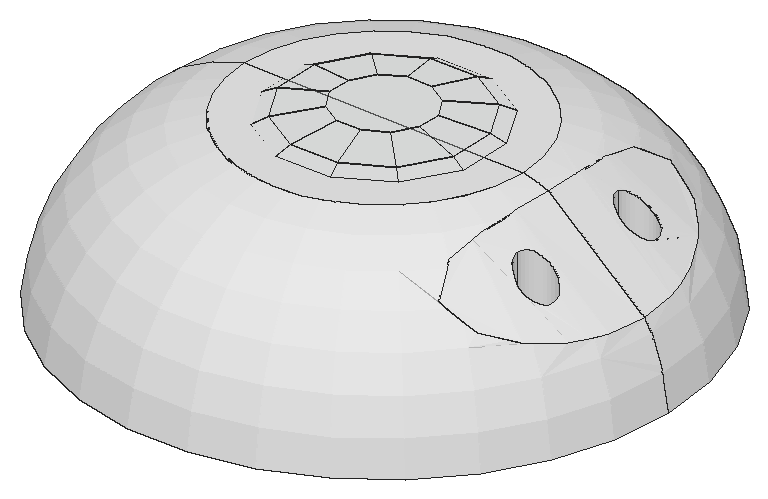
Revit family "NXOS_Series", category Lighting Devices, host Face, Revit 2021
Family settings
  Host = Face
  Maintain Annotation Orientation = Yes
  Round Connector Dimension = Use Diameter
  Part Type = Normal
  OmniClass Number = 23.85.80.11.27
  OmniClass Title = Lighting Controls
  Cut with Voids When Loaded = No
  Shared = No
  Room Calculation Point = No
Parameters (values of type "NXOS Series")
  Weight = 0.142 kg  # constant formula
  Warranty = "Five-year limited"  # constant formula
  Ultrasonic Output = "Maximum amount of radiation output allowed:115dB @ 1 ft. [o.30 m] from source"  # constant formula
  Ultrasonic Minor Motion [instance] = yes
  Ultrasonic Major Motion [instance] = yes
  URL = "https://www.currentlighting.com/nxlightingcontrols"
  Type Comments = "Lighting Device"  # constant formula
  Timer Timeout = "Automatic mode: 8-30 min. Test mode: 8 seconds"  # constant formula
  Sensors Option [instance] = 1000C-500C : 1000C-500C
  Relative humidity = "0 to 95%"  # constant formula
  Product Page URL = ""
  Product Documentation Link = ""
  Power Requirements = "Powered by NX Room Controller using plenum rated CAT5 cables"  # constant formula
  Passive Infrared = "Dual element pyrometer and 12 element cylindrical rugged lens"  # constant formula
  PIR Minor Motion [instance] = yes
  PIR Major Motion [instance] = yes
  Operating Temperature = "32° to + 104° [0° +40°]"  # constant formula
  Mounting = "Mounting base provided, Recommended MAX mounting height:12 ft. [3.66 m]"  # constant formula
  Model = "NXOS Series"  # constant formula
  Manufacturer = " NX Lighting Controls"  # constant formula
  Load Classification = Lighting
  Keynote = ""
  Glass = Plastic -  Polyethylene
  Frequency = 40000 Hz
  Field of View [instance] = no
  Device Material = Plastic - White
  Description = "Ceiling Mount Occupancy Sensors"  # constant formula
  Default Elevation = 48.00"
  Coverage Area [instance] = Field of View : 500 sq.ft.
  Coverage = "Ceiling mount sensor: 500 sq. ft. (Major motion) / 250 sq. ft. (Minor motion) to 2000 sq. ft. (Major motion)"  # constant formula
  Copyright = "Copyright © NX Lighting Controls"  # constant formula
  Contact Us = ""
  Connector Description 2 = "Controls"  # constant formula
  Connector Description 1 = "Power Supply"  # constant formula
  Certifications = "UL and cUL listed"  # constant formula
  Assembly Code = "D5020"
Reference planes (in)
  plane 1 "Center (Front/Back)": y = 0
  plane 2 "Bottom": z = 0
  plane 3 "Center (Left/Right)": x = 0
Dimensions and locks (in)
  aligned and locked: plane 2 "Bottom" to host face
  aligned and locked: level to host face
  aligned and locked: nested 1 to plane 3 "Center (Left/Right)"
  aligned and locked: nested 1 to plane 1 "Center (Front/Back)"
  aligned and locked: nested 2 to plane 3 "Center (Left/Right)"
  aligned and locked: plane 1 "Center (Front/Back)" to nested 2
Nested families (in)
  nested 1: "Field of View" at (0, 0, 0.575), Ultrasonic Minor Motion <- "Ultrasonic Minor Motion", Ultrasonic Major Motion <- "Ultrasonic Major Motion", PIR Minor Motion <- "PIR Minor Motion", PIR Major Motion <- "PIR Major Motion", Field of View <- "Field of View", type <- "Coverage Area", type "500 sq.ft."
    with zz YesNo 8 no, zz YesNo 7 no, zz YesNo 6 no, zz YesNo 5 no, zz YesNo 4 no, zz YesNo 3 no, zz YesNo 2 no, zz YesNo 1 no, zz Length 5 120.36797", zz Length 4 312.06153", zz Length 3 84.07571", zz Length 2 216.04761", zz Length 1 108.00", Ultrasonic Minor Motion yes, Ultrasonic Major Motion yes, PIR Minor Motion yes, PIR Major Motion yes, Mounting Height 108.00", Field of View no, zz Integer 1 2, zz Angle 4 48.10°, zz Angle 3 70.91°, zz Angle 2 37.90°, zz Angle 1 63.44°
  nested 2: "1000C-500C" at (0, 0, 0) x (0, -1, 0) z (0, 0, 1), type <- "Sensors Option", type "1000C-500C"
Connectors (in)
  electrical at (0, 0, 0), driven by "Connector Description 1", driven by "Load Classification"
    settings: on nested 2, index 2, voltage 24 V, apparent load 0.000 VA, apparent load phase1 0.000 VA, apparent load phase2 0.000 VA, apparent load phase3 0.000 VA, power factor 1, load classification "Lighting", number of poles 1, system type 30, power factor state 1, is connector primary yes, connector utility no, sub classification motor no, connector description "Power Supply"
  electrical at (0, 0, 0), driven by "Connector Description 2"
    settings: on host face, index 3, voltage 0 V, apparent load 0.000 VA, apparent load phase1 0.000 VA, apparent load phase2 0.000 VA, apparent load phase3 0.000 VA, power factor 1, load classification "Other", number of poles 1, system type 13, power factor state 1, is connector primary no, connector utility no, sub classification motor no, connector description "Controls"
Definition of nested family "1000C-500C"
  Parameters
    URL = ""
    Type Comments = ""
    Product Page URL = ""
    Product Material = none
    Product Documentation Link = ""
    Model = ""
    Manufacturer = ""
    Keynote = ""
    Glass = none
    Description = ""
    Default Elevation = 48.00"
  Reference planes (in)
    plane 1 "Center (Front/Back)": y = 0
    plane 2 "Bottom": z = 0
    plane 3 "Center (Left/Right)": x = 0
    plane 4: y = 2.25
    plane 5: y = -2.25
    plane 6: z = 1.4
    plane 7: z = 1.3
    plane 8: y = 1.1
    plane 9: y = -1.1
    plane 10: y = 0.8
    plane 11: y = -0.8
    plane 12: z = 1.35
    plane 13: z = 1.275
    plane 14: z = 0.575
    plane 15: y = 1.2633
    plane 16: y = 2.1
    plane 17: y = -1.2633
    plane 18: y = -2.1
    plane 19: x = -0.5
    plane 20: x = 0.5
    plane 21: y = -1.6
    plane 22: y = 1.6
  Forms (in)
    Extrusion 1, solid
      sketch origin (0, 0, 0) x (1, 0, 0) y (0, 1, 0)
        loop
          line (-48, 48) -> (-48, -48) -> (48, -48) -> (48, 48) -> (-48, 48)
      from 0 to -12
    Revolve 2, solid, material <- "Product Material"
      sketch origin (0, 0, 0) x (0, 1, 0) y (0, 0, 1)
        loop
          line (0, 0) -> (2.25, 0)
          arc (2.25, 0) -> (1.89174, 0.84174) -> (1.1, 1.3) r 1.44596
          line (1.1, 1.3) -> (0, 1.3) -> (0, 0)
        axis (0, 1.3) -> (0, 0)
      angle from 0 to 360
    Revolve 3, void
      sketch origin (0, 0, 0) x (0, 1, 0) y (0, 0, 1)
        loop
          line (1.2633, 1.275) -> (2.1, 0.575)
          arc (2.1, 0.575) -> (1.83259, 1.10542) -> (1.2633, 1.275) r 0.75
        axis (-0.8, 1.275) -> (-0.8, 0.575)
      angle from 0 to 360
    Extrusion 4, void
      sketch origin (0, 0, 0.09375) x (0, -1, 0) y (1, 0, 0)
        loop
          circle (-1.6, -0.5) r 0.14975
        loop
          circle (-1.6, 0.5) r 0.14975
      from 0.48125 to 1.30625
    Blend 5, solid, material <- "Glass"
      base sketch origin (0, 57.68752, 1.3) x (0, 1, 0) y (-1, 0, 0)
        loop
          line (-56.88752, 0.21436) -> (-57.10188, 0.58564) -> (-57.47316, 0.8) -> (-57.90188, 0.8) -> (-58.27316, 0.58564) -> (-58.48752, 0.21436) -> (-58.48752, -0.21436) -> (-58.27316, -0.58564) -> (-57.90188, -0.8) -> (-57.47316, -0.8) -> (-57.10188, -0.58564) -> (-56.88752, -0.21436) -> (-56.88752, 0.21436)
      top sketch origin (0, 57.68752, 1.3) x (0, 1, 0) y (-1, 0, 0)
        loop
          line (-56.99217, 0.18632) -> (-57.17849, 0.50903) -> (-57.5012, 0.69535) -> (-57.87384, 0.69535) -> (-58.19655, 0.50903) -> (-58.38287, 0.18632) -> (-58.38287, -0.18632) -> (-58.19655, -0.50903) -> (-57.87384, -0.69535) -> (-57.5012, -0.69535) -> (-57.17849, -0.50903) -> (-56.99217, -0.18632) -> (-56.99217, 0.18632)
      from 0 to 0.05
    Blend 6, solid, material <- "Glass"
      base sketch origin (0, 57.68752, 1.3) x (0, 1, 0) y (-1, 0, 0)
        loop
          line (-56.99217, 0.18632) -> (-57.17849, 0.50903) -> (-57.5012, 0.69535) -> (-57.87384, 0.69535) -> (-58.19655, 0.50903) -> (-58.38287, 0.18632) -> (-58.38287, -0.18632) -> (-58.19655, -0.50903) -> (-57.87384, -0.69535) -> (-57.5012, -0.69535) -> (-57.17849, -0.50903) -> (-56.99217, -0.18632) -> (-56.99217, 0.18632)
      top sketch origin (0, 57.68752, 1.3) x (0, 1, 0) y (-1, 0, 0)
        loop
          line (-57.33418, 0.09468) -> (-57.42886, 0.25866) -> (-57.59284, 0.35334) -> (-57.7822, 0.35334) -> (-57.94618, 0.25866) -> (-58.04086, 0.09468) -> (-58.04086, -0.09468) -> (-57.94618, -0.25866) -> (-57.7822, -0.35334) -> (-57.59284, -0.35334) -> (-57.42886, -0.25866) -> (-57.33418, -0.09468) -> (-57.33418, 0.09468)
      from 0.05 to 0.1
  Cuts and joins
    Revolve 3, Extrusion 4 cuts Revolve 2
  Lines and regions (in)
    symbolic lines
      curve 1: arc (0, -2.25, 0) -> (-2.25, 0, 0) -> (0, 2.25, 0) r 2.25
      curve 2: arc (0, 2.25, 0) -> (2.25, 0, 0) -> (0, -2.25, 0) r 2.25
      curve 48: line (0, 2.25, 0) -> (0, -2.25, 0)
      curve 49: line (0, 0.35334, 1.4) -> (0, -0.35334, 1.4)
      curve 50: line (0, 0.8, 1.3) -> (0, 0.69535, 1.35)
      curve 51: line (0, 0.69535, 1.35) -> (0, 0.35334, 1.4)
      curve 52: line (0, -0.35334, 1.4) -> (0, -0.69535, 1.35)
      curve 53: line (0, -0.69535, 1.35) -> (0, -0.8, 1.3)
      curve 54: line (0, 1.1, 1.3) -> (0, -1.1, 1.3)
      curve 55: arc (0, 2.25, 0) -> (0, 1.89246, 0.84237) -> (0, 1.1, 1.3) r 1.44216
      curve 56: arc (0, -1.1, 1.3) -> (0, -1.89175, 0.84174) -> (0, -2.25, 0) r 1.44594
      curve 57: line (-0.69535, 0, 1.35) -> (-0.8, 0, 1.3)
      curve 58: line (-0.35334, 0, 1.4) -> (-0.69535, 0, 1.35)
      curve 59: line (0.35334, 0, 1.4) -> (-0.35334, 0, 1.4)
      curve 60: line (0.69535, 0, 1.35) -> (0.35334, 0, 1.4)
      curve 61: line (0.8, 0, 1.3) -> (0.69535, 0, 1.35)
      curve 62: line (1.1, 0, 1.3) -> (0, 0, 1.3)
      curve 63: line (0, 0, 1.3) -> (-1.1, 0, 1.3)
      curve 64: line (2.25, 0, 0) -> (0, 0, 0)
      curve 65: line (0, 0, 0) -> (-2.25, 0, 0)
      curve 66: arc (-2.25, 0, 0) -> (-1.89468, 0, 0.84433) -> (-1.1, 0, 1.3) r 1.43055
      curve 67: arc (1.1, 0, 1.3) -> (1.89345, 0, 0.84325) -> (2.25, 0, 0) r 1.43692
    symbolic lines, detail levels medium+fine
      curve 3: line (0, 2.05984, 0) -> (0, 1.30142, 0)
      curve 4: line (0, 1.30142, 0) -> (0, 2.05984, 0)
      curve 9: arc (0, -1.1, 0) -> (1.1, 0, 0) -> (0, 1.1, 0) r 1.1
      curve 10: arc (0, 1.1, 0) -> (-1.1, 0, 0) -> (0, -1.1, 0) r 1.1
      curve 11: line (0.57812, 0.59866, 0) -> (0.8, 0.21436, 0)
      curve 12: line (-0.09468, 0.35334, 0) -> (-0.25866, 0.25866, 0)
      curve 13: line (-0.25866, 0.25866, 0) -> (-0.35334, 0.09468, 0)
      curve 14: line (-0.35334, 0.09468, 0) -> (-0.35334, -0.09468, 0)
      curve 15: line (-0.35334, -0.09468, 0) -> (-0.25866, -0.25866, 0)
      curve 16: line (-0.25866, -0.25866, 0) -> (-0.09468, -0.35334, 0)
      curve 17: line (-0.09468, -0.35334, 0) -> (0.09468, -0.35334, 0)
      curve 18: line (0.09468, -0.35334, 0) -> (0.25866, -0.25866, 0)
      curve 19: line (0.25866, -0.25866, 0) -> (0.35334, -0.09468, 0)
      curve 20: line (0.35334, -0.09468, 0) -> (0.35334, 0.09468, 0)
      curve 21: line (0.35334, 0.09468, 0) -> (0.25866, 0.25866, 0)
      curve 22: line (0.25866, 0.25866, 0) -> (0.09468, 0.35334, 0)
      curve 23: line (0.09468, 0.35334, 0) -> (-0.09468, 0.35334, 0)
      curve 24: line (-0.2294, 0.8, 0) -> (-0.59866, 0.57812, 0)
      curve 25: line (-0.59866, 0.57812, 0) -> (-0.80752, 0.20134, 0)
      curve 26: line (-0.80752, 0.20134, 0) -> (-0.8, -0.2294, 0)
      curve 27: line (-0.8, -0.2294, 0) -> (-0.57812, -0.59866, 0)
      curve 28: line (-0.57812, -0.59866, 0) -> (-0.20134, -0.80752, 0)
      curve 29: line (-0.20134, -0.80752, 0) -> (0.2294, -0.8, 0)
      curve 30: line (0.2294, -0.8, 0) -> (0.59866, -0.57812, 0)
      curve 31: line (0.59866, -0.57812, 0) -> (0.80752, -0.20134, 0)
      curve 32: line (0.80752, -0.20134, 0) -> (0.8, 0.2294, 0)
      curve 33: line (0.8, 0.2294, 0) -> (0.57812, 0.59866, 0)
      curve 34: line (0.57812, 0.59866, 0) -> (0.20134, 0.80752, 0)
      curve 35: line (0.20134, 0.80752, 0) -> (-0.2294, 0.8, 0)
      curve 36: line (-0.18632, 0.69535, 0) -> (-0.50903, 0.50903, 0)
      curve 37: line (-0.50903, 0.50903, 0) -> (-0.69535, 0.18632, 0)
      curve 38: line (-0.69535, 0.18632, 0) -> (-0.69535, -0.18632, 0)
      curve 39: line (-0.69535, -0.18632, 0) -> (-0.50903, -0.50903, 0)
      curve 40: line (-0.50903, -0.50903, 0) -> (-0.18632, -0.69535, 0)
      curve 41: line (-0.18632, -0.69535, 0) -> (0.18632, -0.69535, 0)
      curve 42: line (0.18632, -0.69535, 0) -> (0.50903, -0.50903, 0)
      curve 43: line (0.50903, -0.50903, 0) -> (0.69535, -0.18632, 0)
      curve 44: line (0.69535, -0.18632, 0) -> (0.69535, 0.18632, 0)
      curve 45: line (0.69535, 0.18632, 0) -> (0.50903, 0.50903, 0)
      curve 46: line (0.50903, 0.50903, 0) -> (0.18632, 0.69535, 0)
      curve 47: line (0.18632, 0.69535, 0) -> (-0.18632, 0.69535, 0)
    symbolic lines, detail levels fine
      curve 5: arc (-0.5, 1.45025, 0) -> (-0.35025, 1.6, 0) -> (-0.5, 1.74975, 0) r 0.14975
      curve 6: arc (-0.5, 1.74975, 0) -> (-0.64975, 1.6, 0) -> (-0.5, 1.45025, 0) r 0.14975
      curve 7: arc (0.5, 1.74975, 0) -> (0.35025, 1.6, 0) -> (0.5, 1.45025, 0) r 0.14975
      curve 8: arc (0.5, 1.45025, 0) -> (0.64975, 1.6, 0) -> (0.5, 1.74975, 0) r 0.14975
  Dimensions and locks (in)
    equal spacing: plane 4, plane 1 "Center (Front/Back)", plane 5
    locked: plane 4 to plane 5 at 4.5
    plane 6 to plane 2 "Bottom" = 1.40"
    locked: plane 6 to plane 7 at 0.1
    equal spacing: plane 8, plane 1 "Center (Front/Back)", plane 9
    locked: plane 8 to plane 9 at 2.2
    equal spacing: plane 10, plane 1 "Center (Front/Back)", plane 11
    locked: plane 10 to plane 1 "Center (Front/Back)" at 0.8
    locked: plane 6 to plane 12 at 0.05
    plane 7 to plane 13 = 0.025"
    locked: plane 13 to plane 14 at 0.7
    plane 4 to plane 16 = 0.15"
    locked: plane 16 to plane 15 at 0.8367
    locked: plane 18 to plane 17 at 0.8367
    locked: plane 5 to plane 18 at 0.15
    plane 18 to plane 17 = 0.8367"
    equal spacing: plane 19, plane 3 "Center (Left/Right)", plane 20
    plane 19 to plane 20 = 1.00"
    equal spacing: plane 22, plane 1 "Center (Front/Back)", plane 21
    locked: plane 1 "Center (Front/Back)" to plane 22 at 1.6
    locked: plane 1 "Center (Front/Back)" to Extrusion 4 sketch curve at 1.6
    locked: plane 3 "Center (Left/Right)" to Extrusion 4 sketch curve at 0.5
    locked: plane 1 "Center (Front/Back)" to Blend 5 sketch curve at 0.69535
    aligned and locked: plane 2 "Bottom" to Extrusion 1
    aligned and locked: level to Extrusion 1
    aligned and locked: plane 1 "Center (Front/Back)" to Revolve 2 sketch curve
    aligned and locked: plane 7 to Revolve 2 sketch curve  (x2)
    aligned and locked: Revolve 2 sketch curve to plane 1 "Center (Front/Back)"
    aligned and locked: plane 2 "Bottom" to Revolve 2 sketch curve  (x2)
    aligned and locked: Revolve 3 sketch curve to plane 11
    aligned and locked: plane 8 to Revolve 2 sketch curve
    aligned and locked: plane 4 to Revolve 2 sketch curve
    aligned and locked: plane 16 to Revolve 3 sketch curve
    aligned and locked: plane 14 to Revolve 3 sketch curve
    aligned and locked: plane 13 to Revolve 3 sketch curve
    aligned and locked: plane 15 to Revolve 3 sketch curve
    aligned and locked: Extrusion 4 to Revolve 3
    aligned and locked: plane 6 to Extrusion 4
    aligned and locked: Blend 5 sketch curve to plane 10
    aligned and locked: plane 11 to Blend 5 sketch curve
    aligned and locked: plane 12 to Blend 5
    aligned and locked: Blend 6 sketch curve to Blend 5
    aligned and locked: Blend 6 to plane 12
    aligned and locked: plane 6 to Blend 6
    aligned and locked: Blend 5 to plane 7
  Automatic sketch dimensions
    Extrusion 1 sketch curve to Extrusion 1 sketch curve = 96.00"  (x2)
    Revolve 2 sketch curve to level = 0.11632"
    Revolve 2 sketch curve to level = 2.41808"
    plane 6 to Revolve 2 sketch curve = 3.09499"
    Revolve 3 sketch curve to level = 0.81521"
    plane 6 to Revolve 3 sketch curve = 0.65111"
    Revolve 3 sketch curve to plane 14 = 0.04482"
    Extrusion 4 sketch curve to plane 19 = 0.00"
    plane 22 to Extrusion 4 sketch curve = 0.00"
    plane 20 to Blend 5 sketch curve = 0.08564"  (x2)
    Blend 5 sketch curve to plane 11 = 0.21436"  (x2)
    Blend 5 sketch curve to plane 19 = 0.08564"  (x2)
    plane 1 "Center (Front/Back)" to Blend 5 sketch curve = 0.21436"  (x2)
    Blend 5 sketch curve to plane 1 "Center (Front/Back)" = 0.21436"  (x2)
    plane 10 to Blend 5 sketch curve = 0.21436"  (x2)
    plane 20 to Blend 5 sketch curve = 0.30"
    plane 3 "Center (Left/Right)" to Blend 5 sketch curve = 0.21436"  (x2)
    Blend 5 sketch curve to plane 3 "Center (Left/Right)" = 0.21436"  (x2)
    Blend 5 sketch curve to plane 19 = 0.30"
    plane 20 to Blend 5 sketch curve = 0.00903"  (x2)
    plane 10 to Blend 5 sketch curve = 0.29097"  (x2)
    Blend 5 sketch curve to plane 19 = 0.00903"  (x2)
    Blend 5 sketch curve to plane 1 "Center (Front/Back)" = 0.18632"  (x2)
    plane 1 "Center (Front/Back)" to Blend 5 sketch curve = 0.18632"  (x2)
    Blend 5 sketch curve to plane 11 = 0.29097"  (x2)
    Blend 5 sketch curve to plane 11 = 0.10465"
    plane 20 to Blend 5 sketch curve = 0.19535"
    plane 3 "Center (Left/Right)" to Blend 5 sketch curve = 0.18632"  (x2)
    Blend 5 sketch curve to plane 3 "Center (Left/Right)" = 0.18632"  (x2)
    Blend 5 sketch curve to plane 19 = 0.19535"
    Blend 6 sketch curve to plane 11 = 0.10465"
    Blend 6 sketch curve to plane 19 = 0.00903"  (x2)
    plane 20 to Blend 6 sketch curve = 0.00903"  (x2)
    Blend 6 sketch curve to plane 11 = 0.29097"
    plane 1 "Center (Front/Back)" to Blend 6 sketch curve = 0.18632"  (x2)
    Blend 6 sketch curve to plane 1 "Center (Front/Back)" = 0.18632"  (x2)
    plane 10 to Blend 6 sketch curve = 0.29097"  (x2)
    plane 10 to Blend 6 sketch curve = 0.10465"
    plane 20 to Blend 6 sketch curve = 0.19535"
    plane 3 "Center (Left/Right)" to Blend 6 sketch curve = 0.18632"  (x2)
    Blend 6 sketch curve to plane 3 "Center (Left/Right)" = 0.18632"  (x2)
    curve 1 to plane 3 "Center (Left/Right)" = 0.00"
    plane 5 to curve 1 = 0.00"
    plane 1 "Center (Front/Back)" to curve 2 = 0.00"
    curve 6 to plane 19 = 0.00"
    curve 3 to plane 3 "Center (Left/Right)" = 0.00"
    curve 4 to plane 3 "Center (Left/Right)" = 0.00"
    plane 22 to curve 5 = 0.00"
    curve 3 to plane 15 = 0.03812"
    curve 4 to curve 3 = 0.00"
    plane 22 to curve 5 = 0.14975"
    plane 16 to curve 4 = 0.04016"
    curve 3 to curve 4 = 0.00"
    curve 7 to plane 20 = 0.00"
    plane 22 to curve 8 = 0.00"
    plane 22 to curve 8 = 0.14975"
    curve 1 to curve 9 = 0.00"  (x2)
    plane 9 to curve 9 = 0.00"
    plane 20 to curve 11 = 0.30"
    curve 11 to plane 1 "Center (Front/Back)" = 0.21436"
    plane 20 to curve 11 = 0.07812"
    plane 10 to curve 11 = 0.20134"
    plane 10 to curve 24 = 0.00"
    plane 11 to curve 30 = 0.00"
    curve 27 to plane 19 = 0.07812"
    curve 25 to plane 19 = 0.09866"
    curve 27 to plane 19 = 0.30"
    curve 26 to plane 19 = 0.30752"
    plane 19 to curve 13 = 0.14666"
    curve 13 to curve 13 = 0.09468"
    curve 14 to curve 15 = 0.09468"
    curve 24 to plane 3 "Center (Left/Right)" = 0.2294"
    plane 11 to curve 28 = 0.00752"
    curve 28 to plane 3 "Center (Left/Right)" = 0.20134"
    curve 23 to plane 3 "Center (Left/Right)" = 0.09468"
    curve 17 to plane 3 "Center (Left/Right)" = 0.09468"
    plane 3 "Center (Left/Right)" to curve 23 = 0.09468"
    plane 3 "Center (Left/Right)" to curve 17 = 0.09468"
    curve 35 to plane 10 = 0.00752"
    plane 3 "Center (Left/Right)" to curve 35 = 0.20134"
    plane 3 "Center (Left/Right)" to curve 30 = 0.2294"
    curve 22 to curve 22 = 0.16398"
    curve 17 to curve 18 = 0.16398"
    curve 20 to plane 20 = 0.14666"
    plane 20 to curve 30 = 0.09866"
    curve 32 to curve 11 = 0.00"
    plane 20 to curve 31 = 0.30752"
    curve 27 to plane 11 = 0.20134"
    curve 31 to plane 11 = 0.22188"
    plane 1 "Center (Front/Back)" to curve 17 = 0.35334"
    curve 17 to curve 19 = 0.09468"
    curve 16 to curve 15 = 0.09468"
    plane 1 "Center (Front/Back)" to curve 26 = 0.2294"
    plane 1 "Center (Front/Back)" to curve 32 = 0.20134"
    plane 1 "Center (Front/Back)" to curve 15 = 0.09468"
    plane 1 "Center (Front/Back)" to curve 19 = 0.09468"
    curve 13 to plane 1 "Center (Front/Back)" = 0.09468"
    curve 21 to plane 1 "Center (Front/Back)" = 0.09468"
    curve 26 to plane 1 "Center (Front/Back)" = 0.20134"
    curve 11 to curve 33 = 0.01504"
    curve 13 to curve 12 = 0.16398"
    curve 20 to curve 21 = 0.16398"
    curve 21 to curve 22 = 0.09468"
    plane 10 to curve 25 = 0.22188"
    curve 48 to level = 0.00"
    curve 48 to plane 5 = 0.00"
    curve 54 to plane 7 = 0.00"
    curve 56 to plane 9 = 0.00"
    curve 53 to plane 11 = 0.00"
    curve 53 to plane 12 = 0.00"
    curve 49 to plane 6 = 0.00"
    curve 50 to plane 12 = 0.00"
    curve 50 to plane 10 = 0.00"
    curve 54 to plane 8 = 0.00"
    curve 48 to plane 4 = 0.00"
    plane 11 to curve 56 = 0.00875"
    curve 53 to plane 11 = 0.10465"
    plane 1 "Center (Front/Back)" to curve 49 = 0.35334"
    curve 49 to plane 1 "Center (Front/Back)" = 0.35334"
    plane 10 to curve 50 = 0.10465"
    curve 55 to plane 10 = 0.01229"
    curve 58 to plane 12 = 0.00"
    curve 58 to plane 6 = 0.00"
    curve 62 to plane 3 "Center (Left/Right)" = 0.00"
    curve 65 to plane 3 "Center (Left/Right)" = 0.00"
    curve 61 to plane 12 = 0.00"
    curve 67 to plane 7 = 0.00"
    curve 67 to level = 0.00"
    plane 19 to curve 59 = 0.14666"
    curve 57 to plane 19 = 0.19535"
    curve 57 to curve 57 = 0.10465"
    curve 66 to level = 0.10352"
    curve 66 to plane 19 = 0.3232"
    curve 63 to curve 57 = 0.30"
    curve 59 to plane 20 = 0.14666"
    plane 20 to curve 61 = 0.19535"
    curve 60 to curve 61 = 0.10465"
    curve 67 to level = 0.10882"
    plane 20 to curve 67 = 0.3172"
    curve 61 to curve 62 = 0.30"
    radius of Extrusion 4 sketch curve = 0.14975"  (x2)
Definition of nested family "Field of View"
  Parameters
    zz YesNo 8 [instance] = and(zz Integer 1 = 2, Field of View, PIR Minor Motion)  # no
    zz YesNo 7 [instance] = and(zz Integer 1 = 2, Field of View, PIR Major Motion)  # no
    zz YesNo 6 [instance] = and(zz Integer 1 = 1, Field of View, PIR Minor Motion)  # yes
    zz YesNo 5 [instance] = and(zz Integer 1 = 1, Field of View, PIR Major Motion)  # yes
    zz YesNo 4 [instance] = and(zz Integer 1 = 2, Field of View, Ultrasonic Minor Motion)  # no
    zz YesNo 3 [instance] = and(zz Integer 1 = 2, Field of View, Ultrasonic Major Motion)  # no
    zz YesNo 2 [instance] = and(zz Integer 1 = 1, Field of View, Ultrasonic Minor Motion)  # no
    zz YesNo 1 [instance] = and(zz Integer 1 = 1, Field of View, Ultrasonic Major Motion)  # no
    zz Length 5 [instance] = tan(zz Angle 4) * zz Length 1  # 192.06082"
    zz Length 4 [instance] = tan(zz Angle 3) * zz Length 1  # 384.22224"
    zz Length 3 [instance] = tan(zz Angle 2) * zz Length 1  # 138.2337"
    zz Length 2 [instance] = tan(zz Angle 1) * zz Length 1  # 270.01926"
    zz Length 1 [instance] = if(Mounting Height < 108.00", 108.00", if(Mounting Height > 180.00", 180.00", Mounting Height))  # 108.00"
    zz Integer 1 = 1
    zz Angle 4 = 60.65°
    zz Angle 3 = 74.30°
    zz Angle 2 = 52.00°
    zz Angle 1 = 68.20°
    Ultrasonic Minor Motion [instance] = no
    Ultrasonic Major Motion [instance] = no
    PIR Minor Motion [instance] = yes
    PIR Major Motion [instance] = yes
    Mounting Height [instance] = 108.00"
    Field of View [instance] = yes
    Default Elevation = 0.00"
  Reference planes (in)
    plane 1 "Center (Front/Back)": y = 0
    plane 2: z = 0
    plane 3 "Center (Left/Right)": x = 0
    plane 4: x = 2.4
    plane 5: x = -2.4
    plane 6: y = -1.74
    plane 7: y = 1.74
    plane 8: x = -270.01926
    plane 9: x = 270.01926
    plane 10: y = -138.2337
    plane 11: y = 138.2337
    plane 12: z = 108
    plane 13: x = -384.22224
    plane 14: y = 192.06082
    plane 15: x = 384.22224
    plane 16: y = -192.06082
    plane 17: z = 0.72
  Forms (in)
    Blend 1, solid, visible <- "zz YesNo 2"
      base sketch origin (0, 0, 0) x (1, 0, 0) y (0, 1, 0)
        loop
          line (-270.01926, 138.2337) -> (-270.01926, -138.2337) -> (270.01926, -138.2337) -> (270.01926, 138.2337) -> (-270.01926, 138.2337)
      top sketch origin (0, 0, 0) x (1, 0, 0) y (0, 1, 0)
        loop
          line (-2.4, 1.74) -> (-2.4, -1.74) -> (2.4, -1.74) -> (2.4, 1.74) -> (-2.4, 1.74)
      from 108 to 0
    Blend 2, solid, visible <- "zz YesNo 1"
      base sketch origin (0, 0, 0) x (1, 0, 0) y (0, 1, 0)
        loop
          line (-384.22224, 192.06082) -> (-384.22224, -192.06082) -> (384.22224, -192.06082) -> (384.22224, 192.06082) -> (-384.22224, 192.06082)
      top sketch origin (0, 0, 0) x (1, 0, 0) y (0, 1, 0)
        loop
          line (-2.4, 1.74) -> (-2.4, -1.74) -> (2.4, -1.74) -> (2.4, 1.74) -> (-2.4, 1.74)
      from 108 to 0
    Blend 3, solid, visible <- "zz YesNo 3"
      base sketch origin (0, 0, 0) x (1, 0, 0) y (0, 1, 0)
        loop
          line (0, 1.74) -> (0, -1.74) -> (2.4, -1.74) -> (2.4, 1.74) -> (0, 1.74)
      top sketch origin (0, 0, 0) x (1, 0, 0) y (0, 1, 0)
        loop
          line (0, 192.06082) -> (0, -192.06082) -> (384.22224, -192.06082) -> (384.22224, 192.06082) -> (0, 192.06082)
      from 0 to 108
    Blend 4, solid, visible <- "zz YesNo 4"
      base sketch origin (0, 0, 0) x (1, 0, 0) y (0, 1, 0)
        loop
          line (0, 1.74) -> (0, -1.74) -> (2.4, -1.74) -> (2.4, 1.74) -> (0, 1.74)
      top sketch origin (0, 0, 0) x (1, 0, 0) y (0, 1, 0)
        loop
          line (0, 138.2337) -> (0, -138.2337) -> (270.01926, -138.2337) -> (270.01926, 138.2337) -> (0, 138.2337)
      from 0 to 108
    Revolve 5, solid, visible <- "zz YesNo 6"
      sketch origin (0, 0, 0) x (1, 0, 0) y (0, 0, 1)
        loop
          line (0, 108) -> (0, 0.72) -> (0.798, 0.72) -> (144, 108) -> (0, 108)
        axis (0, 0.72) -> (0, 108)
      angle from 0 to 360
    Revolve 6, solid, visible <- "zz YesNo 5"
      sketch origin (0, 0, 0) x (1, 0, 0) y (0, 0, 1)
        loop
          line (0, 0.72) -> (0.798, 0.72) -> (264, 108) -> (0, 108) -> (0, 0.72)
        axis (0, 0.72) -> (0, 108)
      angle from 0 to 360
    Revolve 7, solid, visible <- "zz YesNo 8"
      sketch origin (0, 0, 0) x (1, 0, 0) y (0, 0, 1)
        loop
          line (0, 0.72) -> (0.798, 0.72) -> (144, 108) -> (0, 108) -> (0, 0.72)
        axis (0, 0.72) -> (0, 108)
      angle from -90 to 90
    Revolve 8, solid, visible <- "zz YesNo 7"
      sketch origin (0, 0, 0) x (1, 0, 0) y (0, 0, 1)
        loop
          line (0, 0.72) -> (0.798, 0.72) -> (264, 108) -> (0, 108) -> (0, 0.72)
        axis (0, 0.72) -> (0, 108)
      angle from -90 to 90
  Dimensions and locks (in)
    equal spacing: plane 5, plane 3 "Center (Left/Right)", plane 4
    plane 3 "Center (Left/Right)" to plane 4 = 2.40"
    equal spacing: plane 7, plane 1 "Center (Front/Back)", plane 6
    plane 6 to plane 1 "Center (Front/Back)" = 1.74"
    equal spacing: plane 8, plane 3 "Center (Left/Right)", plane 9
    equal spacing: plane 10, plane 1 "Center (Front/Back)", plane 11
    "zz Length 1": plane 12 to plane 2
    plane 10 to plane 11 = 276.46739"
    "zz Length 2": plane 8 to plane 3 "Center (Left/Right)"
    "zz Length 3": plane 1 "Center (Front/Back)" to plane 11
    equal spacing: plane 16, plane 1 "Center (Front/Back)", plane 14
    equal spacing: plane 13, plane 3 "Center (Left/Right)", plane 15
    "zz Length 4": plane 13 to plane 3 "Center (Left/Right)"
    "zz Length 5": plane 1 "Center (Front/Back)" to plane 14
    locked: plane 17 to plane 2 at 0.72
    angle plane 1 "Center (Front/Back)" to Blend 1 = 51.6474°
    angle plane 3 "Center (Left/Right)" to Blend 2 = 74.2062°
    angle plane 3 "Center (Left/Right)" to Blend 1 = 68.023°
    angle plane 1 "Center (Front/Back)" to Blend 2 = 60.4267°
    angle Blend 4 to Blend 3 = 68.023°
    angle Blend 3 to Blend 3 = 74.2062°
    locked: Revolve 5 sketch curve to Revolve 5 sketch curve (angle 53.1612°)
    locked: Revolve 6 sketch curve to Revolve 6 sketch curve (angle 67.8244°)
    locked: Revolve 8 sketch curve to Revolve 8 sketch curve (angle 67.8244°)
    locked: Revolve 7 sketch curve to Revolve 7 sketch curve (angle 53.1612°)
    aligned and locked: plane 2 to level
    aligned and locked: Blend 1 sketch curve to plane 11
    aligned and locked: Blend 1 sketch curve to plane 10
    aligned and locked: Blend 1 sketch curve to plane 8
    aligned and locked: Blend 1 sketch curve to plane 9
    aligned and locked: Blend 1 sketch curve to plane 7
    aligned and locked: plane 5 to Blend 1 sketch curve
    aligned and locked: plane 6 to Blend 1 sketch curve
    aligned and locked: Blend 1 sketch curve to plane 4
    aligned and locked: Blend 1 to level
    aligned and locked: Blend 1 to plane 12
    aligned and locked: Blend 2 sketch curve to plane 14
    aligned and locked: Blend 2 sketch curve to plane 16
    aligned and locked: Blend 2 sketch curve to plane 13
    aligned and locked: Blend 2 sketch curve to plane 15
    aligned and locked: Blend 2 sketch curve to Blend 1  (x4)
    aligned and locked: Blend 2 to level
    aligned and locked: Blend 2 to plane 12
    aligned and locked: Blend 1 to Blend 3 sketch curve
    aligned and locked: plane 3 "Center (Left/Right)" to Blend 3 sketch curve
    aligned and locked: Blend 3 sketch curve to Blend 1  (x2)
    aligned and locked: plane 14 to Blend 3 sketch curve
    aligned and locked: Blend 3 sketch curve to plane 16
    aligned and locked: Blend 3 sketch curve to plane 15
    aligned and locked: Blend 3 to plane 12
    aligned and locked: Blend 3 to level
    aligned and locked: Blend 3 sketch curve to plane 3 "Center (Left/Right)"
    aligned and locked: Blend 4 sketch curve to Blend 3  (x5)
    aligned and locked: Blend 4 sketch curve to plane 10
    aligned and locked: Blend 4 sketch curve to plane 9
    aligned and locked: plane 11 to Blend 4 sketch curve
    aligned and locked: Blend 4 to plane 12
    aligned and locked: Blend 4 to level
    aligned and locked: Revolve 5 sketch curve to plane 3 "Center (Left/Right)"
    aligned and locked: Revolve 5 sketch curve to plane 12
    aligned and locked: plane 3 "Center (Left/Right)" to Revolve 6 sketch curve  (x2)
    aligned and locked: Revolve 6 sketch curve to Revolve 5
    aligned and locked: plane 3 "Center (Left/Right)" to Revolve 7 sketch curve
    aligned and locked: Revolve 7 sketch curve to Revolve 5
    aligned and locked: plane 3 "Center (Left/Right)" to Revolve 8 sketch curve
    aligned and locked: Revolve 8 sketch curve to Revolve 5
    aligned and locked: plane 17 to Revolve 8
    aligned and locked: plane 17 to Revolve 6  (x2)
    aligned and locked: plane 17 to Revolve 5
    aligned and locked: plane 17 to Revolve 7
  Automatic sketch dimensions
    Revolve 5 sketch curve to plane 3 "Center (Left/Right)" = 0.00"
    plane 3 "Center (Left/Right)" to Revolve 5 sketch curve = 0.798"
    level to Revolve 5 sketch curve = 0.72"
    Revolve 5 sketch curve to level = 24.00"
    Revolve 5 sketch curve to Revolve 5 sketch curve = 4.00"
    plane 3 "Center (Left/Right)" to Revolve 6 sketch curve = 0.798"
    level to Revolve 6 sketch curve = 0.72"
    Revolve 6 sketch curve to level = 16.00"
    Revolve 6 sketch curve to Revolve 6 sketch curve = 20.00"
    Revolve 8 sketch curve to plane 3 "Center (Left/Right)" = 0.00"
    plane 3 "Center (Left/Right)" to Revolve 8 sketch curve = 0.798"
    level to Revolve 8 sketch curve = 0.72"
    Revolve 8 sketch curve to level = 11.00"
    Revolve 8 sketch curve to Revolve 8 sketch curve = 7.00"
    Revolve 7 sketch curve to plane 3 "Center (Left/Right)" = 0.00"
    plane 3 "Center (Left/Right)" to Revolve 7 sketch curve = 0.798"
    level to Revolve 7 sketch curve = 0.72"
    Revolve 7 sketch curve to level = 21.00"
    Revolve 7 sketch curve to Revolve 7 sketch curve = 5.00"
